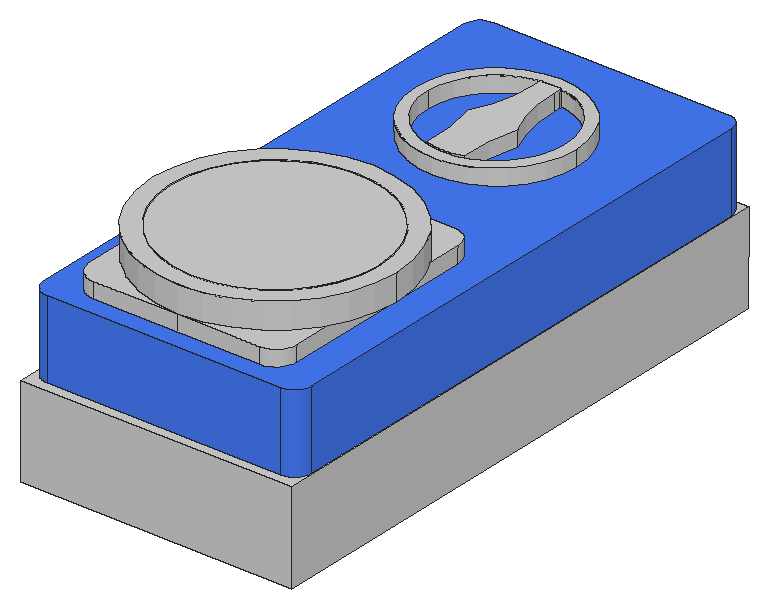
Revit family "Building-IEC309Connections-GEWISS-67IB-INTERLOCKED-SOCKET-OUTLETS_IP67_WITH_BOTTOM_MOD", category Apparecchi elettrici, host Superficie, Revit 2019
Family settings
  Host = Superficie
  Mantenere orientamento annotazione = Sì
  Quota connettore circolare = Usa diametro
  Tipo di parte = Normale
  Taglio con vuoti quando caricato = Sì
  Condiviso = Sì
  Punto di calcolo locali = Sì
Parameters (values of type "GW66070N - 3P+N+E32A400V V.IN.SOC.O.WB.6H MT60 IP67")
  presa = Grigio RAL - 7035
  giallo = 0 mm
  dist_piano [instance] = 75 mm
  Working temperature = "-25 ÷ +40 °C"
  With back-mounting box = "Yes"
  Vista_2d_pianta [instance] = yes
  Version file RFA = "21.4"
  URL = "https://www.gewiss.com/ww/en"
  Typology = "Vertical"
  Thermo-pressure with ball = "125 °C (IB socket) - 80 °C (bottom)"
  Technical sheet = "https://www.gewiss.com/ww/en/search?q=GW66070N"
  Struttura = Grigio RAL - 7035
  Simbolo presa = PRESAINDSTAGNA : 3P
  Simbolo [instance] = yes
  Simb_circuito [instance] = not(Simbolo)  # no
  Shock resistance = "IK08"
  SEO = "Socket outlet"
  Reference h = "6"
  Realized by GEWISS S.p.A. = ""
  Rated voltage: = "380 - 415 V"
  Rated voltage = "380 - 415 V"
  Rated frequency (Hz) = "50/60 Hz"
  Rated current (In) = "32"
  Rated current (A) = "32"
  Protection = "MCB"
  Default Elevation = 1219.2 mm
  Produttore = "GEWISS S.p.A."
  Operating temperature: = "-25 +40 °C"
  Number of poles = "3P+N+E"
  No. of poles = "3P+N+E"
  Modello = "GW66070N"
  Immagine tipo = B.jpg
  IP degree = "IP67"
  IDT = "eae14658-a5a4-4161-b788-45d16122de7f"
  IDF = "46090be9-39b2-469a-9d50-dda3f0fea139"
  Glow wire test: = "850 °C (IB socket) - 650 °C (bottom)"
  Glow Wire Test = "850 °C (IB socket) - 650 °C (bottom)"
  Frequency = "50/60 Hz"
  Electrocod = "2222"
  EAN code = "8011564740952"
  Distanza x [instance] = 500 mm
  Distanza orizzontale simbolo [instance] = 0 mm
  Distanza effettiva x [instance] = 1500 mm - Distanza x  # 1000 mm
  Descrizione = "3P+N+E32A400V V.IN.SOC.O.WB.6H MT60 IP67"
  Corpo presa = Light Blue
  Cornice simbolo [instance] = yes
  Colour: = "Red"
  Colour = "Red"
  Circuit breaker = "MT 6 kA C characteristic"
  Catalogue Range = "67 IB"
  Catalogue = "BUILDING"
  COBie.Tagnumber = ""
  COBie.CreatedOn = ""
  COBie.CreatebBy = ""
  COBie.ComponentRegisterItemID = ""
  COBie.Component.TagNumber = ""
  COBie.Component.Space = ""
  COBie.Component.SerialNumber = ""
  COBie.Component.InstallationDate = ""
  COBie.Component.Description = ""
  COBie.Component.BarCode = ""
Types (18, lengths in mm): name | Technical sheet | Reference h | Rated voltage: | Rated voltage | Rated current (In) | Rated current (A) | Number of poles | No. of poles | Modello | IDT | EAN code | Descrizione | Colour: | Colour
  GW66051N - 2P+E16A110V V.INT.SOCK.O.WB.4H MT60 IP67 | "https://www.gewiss.com/ww/en/search?q=GW66051N" | "4" | "100 - 130 V" | "100 - 130 V" | "16" | "16" | "2P+E" | "2P+E" | "GW66051N" | "87d04e1b-f7e5-4094-b5c2-9ca53027c50a" | "8011564740815" | "2P+E16A110V V.INT.SOCK.O.WB.4H MT60 IP67" | "Yellow" | "Yellow"
  GW66052N - 3P+E16A110V V.INT.SOCK.O.WB.4H MT60 IP67 | "https://www.gewiss.com/ww/en/search?q=GW66052N" | "4" | "100 - 130 V" | "100 - 130 V" | "16" | "16" | "3P+E" | "3P+E" | "GW66052N" | "bf19c064-ab50-4bd1-92be-40de100c7f9f" | "8011564740822" | "3P+E16A110V V.INT.SOCK.O.WB.4H MT60 IP67" | "Yellow" | "Yellow"
  GW66053N - 3P+N+E16A110V V.IN.SOC.O.WB.4H MT60 IP67 | "https://www.gewiss.com/ww/en/search?q=GW66053N" | "4" | "100 - 130 V" | "100 - 130 V" | "16" | "16" | "3P+N+E" | "3P+N+E" | "GW66053N" | "536f4278-9b65-4c90-9f9e-90d02d8aab6c" | "8011564740839" | "3P+N+E16A110V V.IN.SOC.O.WB.4H MT60 IP67" | "Yellow" | "Yellow"
  GW66054N - 2P+E16A230V V.INT.SOCK.O.WB.6H MT60 IP67 | "https://www.gewiss.com/ww/en/search?q=GW66054N" | "6" | "200 - 250 V" | "200 - 250 V" | "16" | "16" | "2P+E" | "2P+E" | "GW66054N" | "61d25caf-b2fd-4eff-8411-d4468cdd72de" | "8011564742482" | "2P+E16A230V V.INT.SOCK.O.WB.6H MT60 IP67" | "Blue" | "Blue"
  GW66055N - 3P+E16A230V V.INT.SOCK.O.WB.9H MT60 IP67 | "https://www.gewiss.com/ww/en/search?q=GW66055N" | "9" | "200 - 250 V" | "200 - 250 V" | "16" | "16" | "3P+E" | "3P+E" | "GW66055N" | "c68ce994-0fb5-4657-9d0d-49d482dddc51" | "8011564740846" | "3P+E16A230V V.INT.SOCK.O.WB.9H MT60 IP67" | "Blue" | "Blue"
  GW66056N - 3P+N+E16A230V V.IN.SOC.O.WB.9H MT60 IP67 | "https://www.gewiss.com/ww/en/search?q=GW66056N" | "9" | "200 - 250 V" | "200 - 250 V" | "16" | "16" | "3P+N+E" | "3P+N+E" | "GW66056N" | "7bc7542e-575d-46ef-9475-ef8baeef1be1" | "8011564740853" | "3P+N+E16A230V V.IN.SOC.O.WB.9H MT60 IP67" | "Blue" | "Blue"
  GW66057N - 2P+E16A400V V.INT.SOCK.O.WB.9H MT60 IP67 | "https://www.gewiss.com/ww/en/search?q=GW66057N" | "9" | "380 - 415 V" | "380 - 415 V" | "16" | "16" | "2P+E" | "2P+E" | "GW66057N" | "4ac2bd40-f314-455a-bf3b-f56d24c365cb" | "8011564740860" | "2P+E16A400V V.INT.SOCK.O.WB.9H MT60 IP67" | "Red" | "Red"
  GW66058N - 3P+E16A400V V.INT.SOCK.O.WB.6H MT60 IP67 | "https://www.gewiss.com/ww/en/search?q=GW66058N" | "6" | "380 - 415 V" | "380 - 415 V" | "16" | "16" | "3P+E" | "3P+E" | "GW66058N" | "a460cbdb-6b9f-4513-baec-a41637247581" | "8011564740877" | "3P+E16A400V V.INT.SOCK.O.WB.6H MT60 IP67" | "Red" | "Red"
  GW66059N - 3P+N+E16A400V V.IN.SOC.O.WB.6H MT60 IP67 | "https://www.gewiss.com/ww/en/search?q=GW66059N" | "6" | "380 - 415 V" | "380 - 415 V" | "16" | "16" | "3P+N+E" | "3P+N+E" | "GW66059N" | "cb130341-b395-4e1b-bc5d-08cb7028fcae" | "8011564742499" | "3P+N+E16A400V V.IN.SOC.O.WB.6H MT60 IP67" | "Red" | "Red"
  GW66062N - 2P+E32A110V V.INT.SOCK.O.WB.4H MT60 IP67 | "https://www.gewiss.com/ww/en/search?q=GW66062N" | "4" | "100 - 130 V" | "100 - 130 V" | "32" | "32" | "2P+E" | "2P+E" | "GW66062N" | "cf3ec19e-f987-42a9-a4ff-6911af50df66" | "8011564740884" | "2P+E32A110V V.INT.SOCK.O.WB.4H MT60 IP67" | "Yellow" | "Yellow"
  GW66063N - 3P+E32A110V V.INT.SOCK.O.WB.4H MT60 IP67 | "https://www.gewiss.com/ww/en/search?q=GW66063N" | "4" | "100 - 130 V" | "100 - 130 V" | "32" | "32" | "3P+E" | "3P+E" | "GW66063N" | "3bfe9993-c6dc-46c3-9181-fecf8d7cce34" | "8011564740891" | "3P+E32A110V V.INT.SOCK.O.WB.4H MT60 IP67" | "Yellow" | "Yellow"
  GW66064N - 3P+N+E32A110V V.IN.SOC.O.WB.4H MT60 IP67 | "https://www.gewiss.com/ww/en/search?q=GW66064N" | "4" | "100 - 130 V" | "100 - 130 V" | "32" | "32" | "3P+N+E" | "3P+N+E" | "GW66064N" | "7f1fffce-0cf5-4543-a79d-c2f5dc44988c" | "8011564740907" | "3P+N+E32A110V V.IN.SOC.O.WB.4H MT60 IP67" | "Yellow" | "Yellow"
  GW66065N - 2P+E32A230V V.INT.SOCK.O.WB.6H MT60 IP67 | "https://www.gewiss.com/ww/en/search?q=GW66065N" | "6" | "200 - 250 V" | "200 - 250 V" | "32" | "32" | "2P+E" | "2P+E" | "GW66065N" | "5840542a-e267-45ad-84cd-7d253291c11d" | "8011564742505" | "2P+E32A230V V.INT.SOCK.O.WB.6H MT60 IP67" | "Blue" | "Blue"
  GW66066N - 3P+E32A230V V.INT.SOCK.O.WB.9H MT60 IP67 | "https://www.gewiss.com/ww/en/search?q=GW66066N" | "9" | "200 - 250 V" | "200 - 250 V" | "32" | "32" | "3P+E" | "3P+E" | "GW66066N" | "6ac160d7-7fbe-4907-bf0f-8589472c9dc7" | "8011564740914" | "3P+E32A230V V.INT.SOCK.O.WB.9H MT60 IP67" | "Blue" | "Blue"
  GW66067N - 3P+N+E32A230V V.IN.SOC.O.WB.9H MT60 IP67 | "https://www.gewiss.com/ww/en/search?q=GW66067N" | "9" | "200 - 250 V" | "200 - 250 V" | "32" | "32" | "3P+N+E" | "3P+N+E" | "GW66067N" | "55b2b8a1-7fd5-4e69-b5ad-ac24cd4e6bce" | "8011564740921" | "3P+N+E32A230V V.IN.SOC.O.WB.9H MT60 IP67" | "Blue" | "Blue"
  GW66068N - 2P+E32A400V V.INT.SOCK.O.WB.9H MT60 IP67 | "https://www.gewiss.com/ww/en/search?q=GW66068N" | "9" | "380 - 415 V" | "380 - 415 V" | "32" | "32" | "2P+E" | "2P+E" | "GW66068N" | "ee4ed8af-f281-47e4-b117-2944c3166d29" | "8011564740938" | "2P+E32A400V V.INT.SOCK.O.WB.9H MT60 IP67" | "Red" | "Red"
  GW66069N - 3P+E32A400V V.INT.SOCK.O.WB.6H MT60 IP67 | "https://www.gewiss.com/ww/en/search?q=GW66069N" | "6" | "380 - 415 V" | "380 - 415 V" | "32" | "32" | "3P+E" | "3P+E" | "GW66069N" | "3b7df102-cc04-4b1a-b8b2-b1c9a0a4c065" | "8011564740945" | "3P+E32A400V V.INT.SOCK.O.WB.6H MT60 IP67" | "Red" | "Red"
  GW66070N - 3P+N+E32A400V V.IN.SOC.O.WB.6H MT60 IP67 | "https://www.gewiss.com/ww/en/search?q=GW66070N" | "6" | "380 - 415 V" | "380 - 415 V" | "32" | "32" | "3P+N+E" | "3P+N+E" | "GW66070N" | "eae14658-a5a4-4161-b788-45d16122de7f" | "8011564740952" | "3P+N+E32A400V V.IN.SOC.O.WB.6H MT60 IP67" | "Red" | "Red"
Reference planes
  plane 1 "Centro (Fronte/Retro)": y = 0
  plane 2: z = 0
  plane 3 "Centro (Sinistra/Destra)": x = 0
  plane 4: z = -2
  plane 5: x = -500
  plane 6: x = -1500
  plane 7: x = -500
  plane 8: through (-170.762, -4572, -38.353) normal (-0.6157, 0, 0.788)
  plane 9: x = -51.152
  plane 10: x = 53.222
  plane 11: z = 108
  plane 12: y = -110
  plane 13: y = 110
  plane 14: z = 73
  plane 15: z = 155
Forms (mm)
  Extrusion 1, solid, detail levels coarse
    sketch origin (0, 0, 0) x (1, 0, 0) y (0, 0, 1)
      loop
        line (-51.152, 155) -> (-51.152, 73) -> (53.222, 73) -> (53.222, 155) -> (-51.152, 155)
    from -108.895 to 109.105
  Extrusion 2, solid, material "Grigio RAL - 7035" <- "Struttura"
    sketch origin (0, 0, 0) x (0, 1, 0) y (0, 0, 1)
      loop
        line (-110, 73) -> (110, 73) -> (110, 108) -> (-110, 108) -> (-110, 73)
    from -51.152 to 53.222
Lines and regions (mm)
  Masking region 1, visible <- "Vista_2d_pianta"
    outline origin (0, 0, 0) x (1, 0, 0) y (0, 0, 1)
      loop
        line (-50.384, 138) -> (-50.384, 108) -> (52.616, 108) -> (52.616, 138) -> (-50.384, 138)
  Masking region 2, visible <- "Vista_2d_pianta"
    outline origin (0, 0, 0) x (1, 0, 0) y (0, 0, 1)
      loop
        line (-40, 144) -> (-40, 138) -> (40, 138) -> (40, 144) -> (-40, 144)
  Masking region 3, visible <- "Vista_2d_pianta"
    outline origin (0, 0, 0) x (1, 0, 0) y (0, 0, 1)
      loop
        line (-46.899, 144) -> (46.899, 144) -> (46.899, 154) -> (-46.899, 154) -> (-46.899, 144)
  Masking region 4, visible <- "Vista_2d_pianta"
    outline origin (0, 0, 0) x (1, 0, 0) y (0, 0, 1)
      loop
        line (-51.152, 73) -> (53.222, 73) -> (53.222, 108) -> (-51.152, 108) -> (-51.152, 73)
Dimensions and locks
  locked: plane 2 to plane 4 at 2
  "Distanza effettiva x": plane 5 to plane 6
  plane 3 "Centro (Sinistra/Destra)" to plane 6 = 1500 mm
  plane 6 to plane 5 = 1000 mm
  "Distanza effettiva x": plane 6 to plane 7
  locked: plane 9 to Masking region 1 at 0.768
  locked: Masking region 1 to plane 10 at 0.606
  "dist_piano": plane 14 to plane 4
  equal spacing: plane 12, plane 1 "Centro (Fronte/Retro)", plane 13
  locked: plane 12 to plane 13 at 220
  locked: plane 11 to plane 14 at 35
  locked: plane 15 to plane 11 at 47
  angle plane 8 to plane 4 = 142.00°
  angle plane 7 to plane 8 = 128.00°
  aligned and locked: plane 2 to host face
  aligned and locked: level to host face
  aligned and locked: plane 3 "Centro (Sinistra/Destra)" to nested 1
  aligned and locked: Masking region 1 sketch curve to nested 1  (x4)
  aligned and locked: Masking region 2 sketch curve to nested 1  (x4)
  aligned and locked: plane 9 to Extrusion 1 sketch curve
  aligned and locked: plane 10 to Extrusion 1 sketch curve
  aligned and locked: nested 1 to plane 11
  aligned and locked: Masking region 3 sketch curve to nested 1  (x4)
  aligned and locked: Extrusion 2 sketch curve to plane 14
  aligned and locked: Extrusion 2 sketch curve to plane 12
  aligned and locked: Extrusion 2 sketch curve to plane 11
  aligned and locked: Extrusion 2 sketch curve to plane 13
  aligned and locked: plane 9 to Extrusion 2
  aligned and locked: Extrusion 2 to plane 10
  aligned and locked: Extrusion 1 to plane 14
  aligned and locked: Masking region 4 sketch curve to Extrusion 1
  aligned and locked: Extrusion 1 to Masking region 4 sketch curve
  aligned and locked: Masking region 4 sketch curve to Extrusion 2  (x2)
  aligned and locked: plane 15 to Extrusion 1
  aligned and locked: plane 7 to nested 2
  aligned and locked: plane 7 to nested 3
Automatic sketch dimensions
  host sketch curve to host sketch curve = 2438.4 mm  (x2)
  Extrusion 1 sketch curve to plane 11 = 35 mm
  plane 11 to Extrusion 1 sketch curve = 47 mm
Nested families
  nested 1: "IB PRESE INTERBLOC VERT_NO FONDO" at (0, 0, 108), type "IB PRESE INTERBLOC VERT_NO FONDO", detail levels medium+fine
  nested 2: "simbolo_circuito" at (-500, 30.442, 0), Distanza dal muro <- "Distanza orizzontale simbolo", SIMBOLO ACCESO <- "Simb_circuito", type "3P"
    with SIMBOLO ACCESO no, Distanza dal muro 0 mm, BORDO ACCESO yes
  nested 3: "PRESAINDSTAGNA" at (-500, 23.722, 0), Distanza dal muro <- "Distanza orizzontale simbolo", SIMBOLO ACCESO <- "Simbolo", type "3P"
    with SIMBOLO ACCESO yes, Distanza dal muro 0 mm, BORDO ACCESO yes
Definition of nested family "IB PRESE INTERBLOC VERT_NO FONDO"
  Parameters (values of type "IB PRESE INTERBLOC VERT_NO FONDO")
    corpo presa = none
    Struttura = none
    Spessore = 30 mm
    Raggio = 40 mm
    Default Elevation = 14 mm
    Presa = none
    Lunghezza = 103 mm
    IFC.TypeObject = ""
    IFC.ExportType = ""
    IFC.ExportAs = ""
    H_da terra = 586.883 mm
    COBie.CreatedOn = ""
    COBie.CreatebBy = ""
    COBie.ComponentRegisterItemID = ""
    COBie.Component.TagNumber = ""
    COBie.Component.Space = ""
    COBie.Component.SerialNumber = ""
    COBie.Component.InstallationDate = ""
    COBie.Component.Description = ""
    COBie.Component.BarCode = ""
    Altezza = 220 mm
  Reference planes
    plane 1 "Centro (Fronte/Retro)": y = 0
    plane 2: z = 0
    plane 3 "Centro (Sinistra/Destra)": x = 0
    plane 4: z = 6.883
    plane 5: z = 10.499
    plane 6 "presa": z = 46
    plane 7: z = 36
    plane 8: z = 30
    plane 9: x = -40
    plane 10: x = 40
    plane 11: y = -5.355
    plane 12: y = -98.612
    plane 13: y = -51.359
  Forms (mm)
    Extrusion 1, solid, material <- "Struttura"
      sketch origin (0, -697.104, -30) x (1, 0, 0) y (0, 1, 0)
        loop
          line (-0.408, 691.748) -> (-32.003, 691.748)
          spline (-32.003, 691.748) -> (-33.047, 691.681) -> (-34.073, 691.48) -> (-35.063, 691.148) -> (-36.002, 690.693) -> (-36.871, 690.12) -> (-37.658, 689.441) -> (-38.347, 688.666) -> (-38.929, 687.809) -> (-39.391, 686.885) -> (-39.728, 685.909) -> (-39.932, 684.898) -> (-40, 683.87)
          line (-40, 683.87) -> (-40, 606.37)
          spline (-40, 606.37) -> (-39.932, 605.341) -> (-39.728, 604.331) -> (-39.391, 603.355) -> (-38.929, 602.43) -> (-38.347, 601.574) -> (-37.658, 600.799) -> (-36.871, 600.119) -> (-36.002, 599.547) -> (-35.063, 599.091) -> (-34.073, 598.76) -> (-33.047, 598.559) -> (-32.003, 598.491)
          line (-32.003, 598.491) -> (0, 598.491) -> (32.003, 598.491)
          spline (32.003, 598.491) -> (33.047, 598.559) -> (34.073, 598.76) -> (35.063, 599.091) -> (36.002, 599.547) -> (36.871, 600.119) -> (37.658, 600.799) -> (38.347, 601.574) -> (38.929, 602.43) -> (39.391, 603.355) -> (39.728, 604.331) -> (39.932, 605.341) -> (40, 606.37)
          line (40, 606.37) -> (40, 683.87)
          spline (40, 683.87) -> (39.932, 684.898) -> (39.728, 685.909) -> (39.391, 686.885) -> (38.929, 687.809) -> (38.347, 688.666) -> (37.658, 689.441) -> (36.871, 690.12) -> (36.002, 690.693) -> (35.063, 691.148) -> (34.073, 691.48) -> (33.047, 691.681) -> (32.003, 691.748)
          line (32.003, 691.748) -> (-0.408, 691.748)
      from 60 to 66
    Extrusion 2, solid, material <- "Presa"
      sketch origin (0, -700.854, -30) x (1, 0, 0) y (0, 1, 0)
        loop
          circle (0, 649.495) r 46.899
        loop
          circle (0, 649.495) r 40
      from 66 to 76
    Extrusion 3, solid, material <- "Struttura"
      sketch origin (0, -697.104, -30) x (1, 0, 0) y (0, 1, 0)
        loop
          circle (0, 752.384) r 30.831
        loop
          circle (0, 752.384) r 26.483
      from 60 to 66
    Extrusion 4, solid, material <- "Struttura"
      sketch origin (0, -697.104, -30) x (1, 0, 0) y (0, 1, 0)
        loop
          arc (-9.552, 750.899) -> (-7.429, 739.645) -> (-7.314, 728.193) r 64.983
          arc (-7.314, 728.193) -> (-0.131, 727.067) -> (7.064, 728.115) r 24.316
          arc (7.064, 728.115) -> (7.302, 739.566) -> (9.547, 750.796) r 64.983
          arc (9.547, 750.796) -> (5.519, 762.425) -> (4.215, 774.661) r 54.251
          line (4.215, 774.661) -> (4.25, 777.658)
          arc (4.25, 777.658) -> (3.985, 778.329) -> (3.336, 778.647) r 1
          arc (3.336, 778.647) -> (0.147, 778.794) -> (-3.043, 778.682) r 39.364
          arc (-3.043, 778.682) -> (-3.695, 778.371) -> (-3.967, 777.702) r 1
          line (-3.967, 777.702) -> (-3.964, 774.706)
          arc (-3.964, 774.706) -> (-5.4, 762.483) -> (-9.552, 750.899) r 54.251
      from 60 to 66
    Extrusion 5, solid, material <- "corpo presa"
      sketch origin (-2.5, -699.604, -30) x (1, 0, 0) y (0, 1, 0)
        loop
          arc (55.116, 802.193) -> (53.269, 806.652) -> (48.81, 808.499) r 6.306
          line (48.81, 808.499) -> (-41.578, 808.499)
          arc (-41.578, 808.499) -> (-46.037, 806.652) -> (-47.884, 802.193) r 6.306
          line (-47.884, 802.193) -> (-47.884, 600.052)
          arc (-47.884, 600.052) -> (-45.976, 595.446) -> (-41.369, 593.537) r 6.515
          line (-41.369, 593.537) -> (48.601, 593.537)
          arc (48.601, 593.537) -> (53.208, 595.446) -> (55.116, 600.052) r 6.515
          line (55.116, 600.052) -> (55.116, 802.193)
      from 30 to 60
    Extrusion 6, solid, material <- "Struttura", not visible
      sketch origin (0, 47.014, -580) x (1, 0, 0) y (0, 0, 1)
        loop
          line (-0.408, 691.748) -> (-29.506, 691.748)
          spline (-29.506, 691.748) -> (-30.55, 691.681) -> (-31.576, 691.48) -> (-32.567, 691.148) -> (-33.505, 690.693) -> (-34.375, 690.12) -> (-35.161, 689.441) -> (-35.851, 688.666) -> (-36.432, 687.809) -> (-36.895, 686.885) -> (-37.231, 685.909) -> (-37.435, 684.898) -> (-37.503, 683.87)
          line (-37.503, 683.87) -> (-37.503, 615.12)
          spline (-37.503, 615.12) -> (-37.435, 614.091) -> (-37.231, 613.081) -> (-36.895, 612.105) -> (-36.432, 611.18) -> (-35.851, 610.324) -> (-35.161, 609.549) -> (-34.375, 608.869) -> (-33.505, 608.297) -> (-32.567, 607.841) -> (-31.576, 607.51) -> (-30.55, 607.309) -> (-29.506, 607.241)
          line (-29.506, 607.241) -> (0, 607.241) -> (29.506, 607.241)
          spline (29.506, 607.241) -> (30.55, 607.309) -> (31.576, 607.51) -> (32.567, 607.841) -> (33.505, 608.297) -> (34.375, 608.869) -> (35.161, 609.549) -> (35.851, 610.324) -> (36.432, 611.18) -> (36.895, 612.105) -> (37.231, 613.081) -> (37.435, 614.091) -> (37.503, 615.12)
          line (37.503, 615.12) -> (37.503, 683.87)
          spline (37.503, 683.87) -> (37.435, 684.898) -> (37.231, 685.909) -> (36.895, 686.885) -> (36.432, 687.809) -> (35.851, 688.666) -> (35.161, 689.441) -> (34.375, 690.12) -> (33.505, 690.693) -> (32.567, 691.148) -> (31.576, 691.48) -> (30.55, 691.681) -> (29.506, 691.748)
          line (29.506, 691.748) -> (-0.408, 691.748)
      from 51.991 to 55.821
    Extrusion 7, solid, material <- "Presa", not visible
      sketch origin (0, 47.014, -580) x (1, 0, 0) y (0, 0, 1)
        loop
          circle (0, 646.456) r 46.899
      from 55.821 to 62.709
    Extrusion 8, solid, material <- "Struttura", not visible
      sketch origin (0, 47.014, -580) x (1, 0, 0) y (0, 0, 1)
        loop
          circle (0, 752.384) r 30.831
        loop
          circle (0, 752.384) r 26.483
      from 51.991 to 62.709
    Extrusion 9, solid, material <- "Struttura", not visible
      sketch origin (0, 47.014, -580) x (1, 0, 0) y (0, 0, 1)
        loop
          arc (-9.552, 750.899) -> (-7.429, 739.645) -> (-7.314, 728.193) r 64.983
          arc (-7.314, 728.193) -> (-0.131, 727.067) -> (7.064, 728.115) r 24.316
          arc (7.064, 728.115) -> (7.302, 739.566) -> (9.547, 750.796) r 64.983
          arc (9.547, 750.796) -> (5.519, 762.425) -> (4.215, 774.661) r 54.251
          line (4.215, 774.661) -> (4.25, 777.658)
          arc (4.25, 777.658) -> (3.985, 778.329) -> (3.336, 778.647) r 1
          arc (3.336, 778.647) -> (0.147, 778.794) -> (-3.043, 778.682) r 39.364
          arc (-3.043, 778.682) -> (-3.695, 778.371) -> (-3.967, 777.702) r 1
          line (-3.967, 777.702) -> (-3.964, 774.706)
          arc (-3.964, 774.706) -> (-5.4, 762.483) -> (-9.552, 750.899) r 54.251
      from 51.991 to 62.709
    Extrusion 10, solid, material <- "corpo presa", not visible
      sketch origin (0, 47.014, -580) x (1, 0, 0) y (0, 0, 1)
        loop
          arc (47.884, 796.962) -> (46.037, 801.42) -> (41.578, 803.267) r 6.306
          line (41.578, 803.267) -> (-41.578, 803.267)
          arc (-41.578, 803.267) -> (-46.037, 801.42) -> (-47.884, 796.962) r 6.306
          line (-47.884, 796.962) -> (-47.884, 597.014)
          arc (-47.884, 597.014) -> (-45.976, 592.407) -> (-41.369, 590.499) r 6.515
          line (-41.369, 590.499) -> (41.369, 590.499)
          arc (41.369, 590.499) -> (45.976, 592.407) -> (47.884, 597.014) r 6.515
          line (47.884, 597.014) -> (47.884, 796.962)
      from 30 to 51.991
    Extrusion 11, solid, material <- "Struttura"
      sketch origin (1.116, -3.75, 0) x (1, 0, 0) y (0, 1, 0)
        loop
          circle (-1.116, -47.609) r 40
      from 36 to 46
  Lines and regions (mm)
    symbolic lines
      curve 1: line (0, 0, 46) -> (0, -106.066, 46)
      curve 2: line (-40, -51.359, 46) -> (40, -51.359, 46)
  Dimensions and locks
    locked: plane 5 to plane 4 at 3.616
    Extrusion 5 sketch curve to Extrusion 5 sketch curve = 103 mm
    plane 6 "presa" to plane 2 = 46 mm
    locked: plane 7 to plane 6 "presa" at 10
    plane 8 to plane 2 = 30 mm
    locked: plane 8 to plane 7 at 6
    equal spacing: plane 9, plane 3 "Centro (Sinistra/Destra)", plane 10
    locked: plane 9 to plane 10 at 80
    Extrusion 1 to Extrusion 1 = 93.257 mm
    "Raggio": radius of Extrusion 11 sketch curve
    "Raggio": radius of Extrusion 2 sketch curve
    aligned and locked: level to plane 2
    aligned and locked: Extrusion 3 to Extrusion 5
    aligned and locked: Extrusion 4 to Extrusion 3
    aligned and locked: Extrusion 3 to Extrusion 4
    aligned and locked: Extrusion 2 to Extrusion 1
    aligned and locked: Extrusion 5 to level
    aligned and locked: plane 6 "presa" to Extrusion 2
    aligned and locked: Extrusion 11 to Extrusion 1
    aligned and locked: plane 6 "presa" to Extrusion 11
    aligned and locked: Extrusion 1 to plane 7
    aligned and locked: Extrusion 5 to plane 8
    aligned and locked: plane 8 to Extrusion 1
    aligned and locked: Extrusion 3 to plane 7
    aligned and locked: curve 1 to plane 3 "Centro (Sinistra/Destra)"
    aligned and locked: Extrusion 1 sketch curve to plane 9
    aligned and locked: Extrusion 1 sketch curve to plane 10
    aligned and locked: plane 12 to Extrusion 1 sketch curve
    aligned and locked: curve 2 to plane 13
    aligned and locked: plane 3 "Centro (Sinistra/Destra)" to Extrusion 11 sketch curve
    aligned and locked: plane 13 to Extrusion 11 sketch curve
  Automatic sketch dimensions
    Extrusion 1 sketch curve to plane 3 "Centro (Sinistra/Destra)" = 0 mm
    Extrusion 1 sketch curve to plane 3 "Centro (Sinistra/Destra)" = 0.408 mm
    Extrusion 1 sketch curve to Extrusion 1 sketch curve = 32.003 mm
    plane 1 "Centro (Fronte/Retro)" to Extrusion 1 sketch curve = 5.355 mm
    Extrusion 1 sketch curve to Extrusion 1 sketch curve = 7.997 mm  (x2)
    plane 3 "Centro (Sinistra/Destra)" to Extrusion 1 sketch curve = 32.003 mm
    Extrusion 1 sketch curve to Extrusion 1 sketch curve = 7.878 mm  (x3)
    Extrusion 3 sketch curve to Extrusion 3 sketch curve = 0 mm  (x2)
    Extrusion 3 sketch curve to plane 3 "Centro (Sinistra/Destra)" = 0 mm
    Extrusion 3 sketch curve to plane 1 "Centro (Fronte/Retro)" = 55.28 mm
    Extrusion 4 sketch curve to plane 3 "Centro (Sinistra/Destra)" = 0 mm
    Extrusion 4 sketch curve to plane 3 "Centro (Sinistra/Destra)" = 0.064 mm
    Extrusion 4 sketch curve to plane 3 "Centro (Sinistra/Destra)" = 2.967 mm
    Extrusion 4 sketch curve to Extrusion 4 sketch curve = 0.997 mm
    Extrusion 4 sketch curve to Extrusion 4 sketch curve = 1 mm  (x2)
    Extrusion 4 sketch curve to Extrusion 4 sketch curve = 54.251 mm
    Extrusion 4 sketch curve to Extrusion 4 sketch curve = 13.883 mm
    plane 3 "Centro (Sinistra/Destra)" to Extrusion 4 sketch curve = 3.25 mm
    Extrusion 4 sketch curve to Extrusion 4 sketch curve = 0.965 mm
    Extrusion 4 sketch curve to Extrusion 4 sketch curve = 54.25 mm
    Extrusion 4 sketch curve to Extrusion 4 sketch curve = 13.435 mm
    Extrusion 4 sketch curve to plane 1 "Centro (Fronte/Retro)" = 35.393 mm
    Extrusion 4 sketch curve to plane 1 "Centro (Fronte/Retro)" = 36.167 mm
    Extrusion 4 sketch curve to plane 1 "Centro (Fronte/Retro)" = 42.327 mm
    Extrusion 4 sketch curve to Extrusion 4 sketch curve = 11.953 mm
    Extrusion 4 sketch curve to Extrusion 4 sketch curve = 41.757 mm
    Extrusion 4 sketch curve to Extrusion 4 sketch curve = 23.278 mm
    Extrusion 4 sketch curve to Extrusion 4 sketch curve = 0.044 mm
    Extrusion 4 sketch curve to Extrusion 4 sketch curve = 41.61 mm
    Extrusion 4 sketch curve to Extrusion 4 sketch curve = 2.99 mm
    Extrusion 4 sketch curve to Extrusion 4 sketch curve = 0.007 mm
    Extrusion 4 sketch curve to Extrusion 4 sketch curve = 2.979 mm
    Extrusion 4 sketch curve to Extrusion 4 sketch curve = 0.018 mm
    Extrusion 4 sketch curve to Extrusion 4 sketch curve = 0 mm
    Extrusion 4 sketch curve to plane 3 "Centro (Sinistra/Destra)" = 7.314 mm
    Extrusion 4 sketch curve to Extrusion 4 sketch curve = 9.552 mm
    plane 3 "Centro (Sinistra/Destra)" to Extrusion 4 sketch curve = 7.064 mm
    Extrusion 5 sketch curve to plane 3 "Centro (Sinistra/Destra)" = 50.384 mm
    Extrusion 5 sketch curve to Extrusion 5 sketch curve = 6.306 mm  (x2)
    Extrusion 5 sketch curve to Extrusion 5 sketch curve = 6.515 mm  (x2)
    Extrusion 5 sketch curve to plane 1 "Centro (Fronte/Retro)" = 102.59 mm
    Extrusion 1 sketch curve to plane 12 = 7.878 mm
    plane 12 to Extrusion 5 sketch curve = 0.939 mm
    plane 1 "Centro (Fronte/Retro)" to curve 1 = 0 mm
    curve 2 to plane 9 = 0 mm
    curve 2 to plane 10 = 0 mm
    plane 12 to curve 1 = 7.454 mm
    Extrusion 2 sketch curve to Extrusion 2 sketch curve = 0 mm  (x2)
    Extrusion 2 sketch curve to plane 3 "Centro (Sinistra/Destra)" = 0 mm
    Extrusion 2 sketch curve to plane 13 = 0 mm
    radius of Extrusion 3 sketch curve = 30.831 mm
    radius of Extrusion 3 sketch curve = 26.483 mm
    radius of Extrusion 2 sketch curve = 46.899 mm
Definition of nested family "simbolo_circuito"
  Parameters (values of type "3P")
    SIMBOLO ACCESO [instance] = yes
    SIMBOLO = PRESAINDSTAGNA_BASE : 3P
    Distanza dal muro [instance] = 0 mm
    BORDO ACCESO [instance] = yes
  Reference planes
    plane 1: y = 0
    plane 2: x = 0
  Dimensions and locks
    "Distanza dal muro": plane 1 to nested 1
    aligned and locked: plane 2 to nested 1
  Nested families
    nested 1: "simb_base_di circuito" at (0, 0, 0), visible <- "SIMBOLO ACCESO", type "3P"
      with CORNICE SIMBOLO yes
  Definition of nested family "simb_base_di circuito"
    Parameters (values of type "3P")
      CORNICE SIMBOLO [instance] = yes
      3P = yes
    Types (2, lengths in mm): name | 3P
      3P | yes
      2P | no
    Reference planes
      plane 1: y = 0
      plane 2: x = 0
    Lines and regions (mm)
      detail lines, not visible
        curve 1: line (-2.443, 10.208, 0) -> (2.057, 10.208, 0)
        curve 2: line (2.057, 10.208, 0) -> (2.057, 4.208, 0)
        curve 3: line (2.057, 4.208, 0) -> (-2.443, 4.208, 0)
        curve 4: line (-2.443, 4.208, 0) -> (-2.443, 10.208, 0)
        curve 5: line (-2.043, 9.808, 0) -> (1.657, 9.808, 0)
        curve 6: line (1.657, 9.808, 0) -> (1.657, 4.608, 0)
        curve 7: line (1.657, 4.608, 0) -> (-2.043, 4.608, 0)
        curve 8: line (-2.043, 4.608, 0) -> (-2.043, 9.808, 0)
    Dimensions and locks
      aligned and locked: import instance to plane 2
      aligned and locked: plane 1 to import instance
Definition of nested family "PRESAINDSTAGNA"
  Parameters (values of type "3P")
    SIMBOLO ACCESO [instance] = yes
    SIMBOLO = PRESAINDSTAGNA_BASE : 3P
    Distanza dal muro [instance] = 0 mm
    BORDO ACCESO [instance] = yes
  Types (2): name
    2P
    3P
  Reference planes
    plane 1: y = 0
    plane 2: x = 0
  Dimensions and locks
    "Distanza dal muro": plane 1 to nested 1
    aligned and locked: plane 2 to nested 1
  Nested families
    nested 1: "PRESAINDSTAGNA_BASE" at (0, 0, 0), type <- "SIMBOLO", CORNICE SIMBOLO <- "BORDO ACCESO", visible <- "SIMBOLO ACCESO", type "3P"
  Definition of nested family "PRESAINDSTAGNA_BASE"
    Parameters (values of type "3P")
      CORNICE SIMBOLO [instance] = yes
      3P = yes
    Types (2, lengths in mm): name | 3P
      3P | yes
      2P | no
    Reference planes
      plane 1: y = 0
      plane 2: x = 0
    Lines and regions (mm)
      detail lines, not visible
        curve 1: line (-2.443, 10.208, 0) -> (2.057, 10.208, 0)
        curve 2: line (2.057, 10.208, 0) -> (2.057, 4.208, 0)
        curve 3: line (2.057, 4.208, 0) -> (-2.443, 4.208, 0)
        curve 4: line (-2.443, 4.208, 0) -> (-2.443, 10.208, 0)
        curve 5: line (-2.043, 9.808, 0) -> (1.657, 9.808, 0)
        curve 6: line (1.657, 9.808, 0) -> (1.657, 4.608, 0)
        curve 7: line (1.657, 4.608, 0) -> (-2.043, 4.608, 0)
        curve 8: line (-2.043, 4.608, 0) -> (-2.043, 9.808, 0)
      detail lines
        curve 9: line (-0.333, 0.928, 0) -> (-0.05, 0.928, 0)
        curve 10: line (-0.05, 0.928, 0) -> (0.417, 1.737, 0)
        curve 11: line (0.417, 1.737, 0) -> (0.764, 1.537, 0)
        curve 12: line (-0.05, 0.928, 0) -> (-0.333, 0.437, 0)
        curve 13: line (-0.333, 0.437, 0) -> (-0.333, 2.059, 0)
        curve 14: line (0.222, 1.399, 0) -> (0.569, 1.199, 0)
        curve 15: line (-0.723, 0.437, 0) -> (0.057, 0.437, 0)
        curve 16: line (-0.333, 0.81, 0) -> (-0.216, 0.928, 0)
        curve 17: line (-0.333, 0.741, 0) -> (-0.147, 0.928, 0)
        curve 18: line (-0.333, 0.672, 0) -> (-0.078, 0.928, 0)
        curve 19: line (-0.333, 0.603, 0) -> (-0.106, 0.831, 0)
        curve 20: line (-0.333, 0.534, 0) -> (-0.2, 0.668, 0)
        curve 22: arc (-0.723, 0.047, 0) -> (-0.333, 0.437, 0) -> (0.057, 0.047, 0) r 0.39
        curve 23: line (-0.8, 2.1, 0) -> (0.8, 2.1, 0)
        curve 24: line (-0.8, 0, 0) -> (-0.8, 2.1, 0)
        curve 25: line (0.8, 0, 0) -> (-0.8, 0, 0)
        curve 26: line (0.8, 2.1, 0) -> (0.8, 0, 0)
      detail lines, visible <- "3P"
        curve 21: line (0.028, 1.061, 0) -> (0.374, 0.861, 0)
